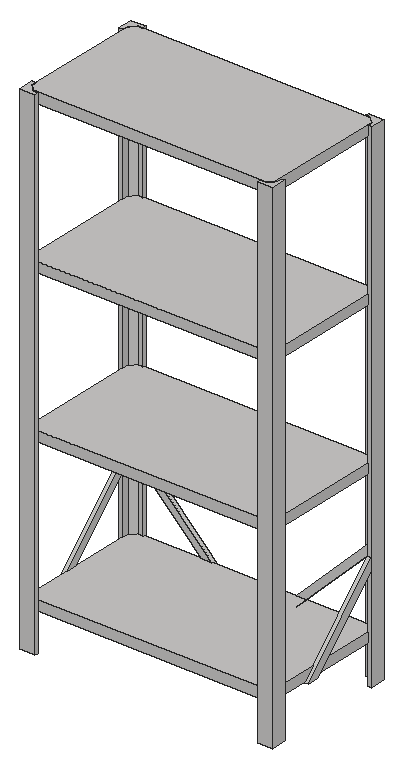
Revit family "QF_ELECTROLUXPROFESSIONAL_132945_NSC970", category Attrezzature speciali, Revit 2020
Family settings
  Quota connettore circolare = Usa diametro
  Tipo di parte = Normale
  Basato su piano di lavoro = No
  Sempre verticale = Sì
  Taglio con vuoti quando caricato = No
  Condiviso = No
  Punto di calcolo locali = No
Parameters (values of type "Standard")
  Weight = 33.00 kg
  Watts = 0 W
  Volts = 0 V
  URL Manufacturer = "https://www.electroluxprofessional.com/"
  URL = "https://www.electroluxprofessional.com/"
  Steam Supply Size = 0 mm
  Steam Supply Minimum Pressure = 0.0 Pa
  Steam Supply Maximum Pressure = 0.0 Pa
  Steam Consumption per Hour = 0
  Refrigeration Suction Line Size = 0.0 mm
  Refrigeration Liquid Line Size = 0.0 mm
  Refrigerant Compressor Remote = yes
  Prospetto di default = 0.0 mm
  Phase = 0
  Modello = "NSC970"
  Produttore = "Electrolux Professional"
  Length Actual = 1000.0 mm  # constant formula
  Item Number = "132945"
  Hot Water Size = 0 mm
  Height Actual = 1990.0 mm  # constant formula
  HP = "0 HP"
  Gas Size = 0 mm
  Gas KW = 0
  Gas Input Pressure = 0 W
  Direct Waste Size = 0 mm
  Descrizione = "S/S SHELVING WITH 4 SOLID SHELVES, 970MM"
  Depth Actual = 550.0 mm  # constant formula
  Cycle = 0 Hz
  Condensate Return Size = 0 mm
  Compressed Air Volume = 0.0 L/s
  Compressed Air Size = 0 mm
  Compressed Air Pressure = 0.0 Pa
  Cold Water Size = 0 mm
  Accessory = yes
Reference planes
  plane 1 "Center (Front/Back)": y = 0
  plane 2: z = 0
  plane 3 "Center (Left/Right)": x = 0
  plane 4 "LEFT": x = -500
  plane 5 "RIGHT": x = 500
  plane 6 "BACK": y = 275
  plane 7 "FRONT": y = -275
  plane 8 "L1": z = 190
  plane 9 "TOP": z = 1990
  plane 10 "L2": z = 790
  plane 11 "L3": z = 1390
  plane 12: x = 440
  plane 13: y = -215
  plane 14: y = 215
  plane 15: x = -440
Forms (mm)
  Extrusion 1, solid, material "QF_Finishes_Stainless Steel"
    sketch origin (0, 0, 0) x (1, 0, 0) y (0, 1, 0)
      loop
        line (-500, 275) -> (-500, 215) -> (-485, 215) -> (-485, 237.5) -> (-462.5, 260) -> (-440, 260) -> (-440, 275) -> (-500, 275)
      loop
        line (-500, -275) -> (-440, -275) -> (-440, -260) -> (-462.5, -260) -> (-485, -237.5) -> (-485, -215) -> (-500, -215) -> (-500, -275)
    from 0 to 1990
  Extrusion 2, solid, material "QF_Finishes_Stainless Steel"
    sketch origin (0, 0, 1990) x (0, 1, 0) y (-1, 0, 0)
      loop
        line (-237.5, 485) -> (-260, 462.5) -> (-260, -462.5) -> (-237.5, -485) -> (237.5, -485) -> (260, -462.5) -> (260, 462.5) -> (237.5, 485) -> (-237.5, 485)
    from 0 to -40
  Extrusion 3, solid, material "QF_Finishes_Stainless Steel"
    sketch origin (0, 275, 0) x (1, 0, 0) y (0, 0, -1)
      loop
        line (170.026, -150) -> (127.6, -150) -> (457.678, -480.078) -> (478.891, -458.864) -> (170.026, -150)
    from 0 to -15
  Extrusion 4, solid, material "QF_Finishes_Stainless Steel"
    sketch origin (-500, 0, 0) x (0, 1, 0) y (0, 0, 1)
      loop
        line (-54.974, 150) -> (253.891, 458.864) -> (232.678, 480.078) -> (-97.4, 150) -> (-54.974, 150)
    from 0 to 15
  Extrusion 5, solid, material "QF_Finishes_Stainless Steel"
    sketch origin (500, 0, 0) x (0, 1, 0) y (0, 0, 1)
      loop
        line (-54.974, 150) -> (253.891, 458.864) -> (232.678, 480.078) -> (-97.4, 150) -> (-54.974, 150)
    from 0 to -15
  Extrusion 6, solid, material "QF_Finishes_Stainless Steel"
    sketch origin (0, 0, 0) x (-1, 0, 0) y (0, -1, 0)
      loop
        line (-500, -275) -> (-440, -275) -> (-440, -260) -> (-462.5, -260) -> (-485, -237.5) -> (-485, -215) -> (-500, -215) -> (-500, -275)
      loop
        line (-500, 275) -> (-500, 215) -> (-485, 215) -> (-485, 237.5) -> (-462.5, 260) -> (-440, 260) -> (-440, 275) -> (-500, 275)
    from 0 to 1990
  Extrusion 7, solid, material "QF_Finishes_Stainless Steel"
    sketch origin (0, 0, 190) x (0, 1, 0) y (-1, 0, 0)
      loop
        line (-237.5, 485) -> (-260, 462.5) -> (-260, -462.5) -> (-237.5, -485) -> (237.5, -485) -> (260, -462.5) -> (260, 462.5) -> (237.5, 485) -> (-237.5, 485)
    from 0 to -40
  Extrusion 8, solid, material "QF_Finishes_Stainless Steel"
    sketch origin (0, 0, 790) x (0, 1, 0) y (-1, 0, 0)
      loop
        line (-237.5, 485) -> (-260, 462.5) -> (-260, -462.5) -> (-237.5, -485) -> (237.5, -485) -> (260, -462.5) -> (260, 462.5) -> (237.5, 485) -> (-237.5, 485)
    from 0 to -40
  Extrusion 9, solid, material "QF_Finishes_Stainless Steel"
    sketch origin (0, 0, 1390) x (0, 1, 0) y (-1, 0, 0)
      loop
        line (-237.5, 485) -> (-260, 462.5) -> (-260, -462.5) -> (-237.5, -485) -> (237.5, -485) -> (260, -462.5) -> (260, 462.5) -> (237.5, 485) -> (-237.5, 485)
    from 0 to -40
  Extrusion 10, solid, material "QF_Finishes_Stainless Steel"
    sketch origin (0, 275, 0) x (-1, 0, 0) y (0, 0, 1)
      loop
        line (170.026, 150) -> (478.891, 458.864) -> (457.678, 480.078) -> (127.6, 150) -> (170.026, 150)
    from 0 to -15
Cuts and joins
  joined: Extrusion 1, Extrusion 3, Extrusion 4, Extrusion 5
Lines and regions (mm)
  symbolic lines
    curve 1: line (-500, 215, 190) -> (-500, 275, 190)
    curve 2: line (-500, 275, 190) -> (-440, 275, 190)
    curve 3: line (-440, 275, 190) -> (-440, 260, 190)
    curve 4: line (-440, 260, 190) -> (-462.5, 260, 190)
    curve 5: line (-462.5, 260, 190) -> (-485, 237.5, 190)
    curve 6: line (-485, 237.5, 190) -> (-485, 215, 190)
    curve 7: line (-485, 215, 190) -> (-500, 215, 190)
    curve 8: line (-500, -215, 190) -> (-485, -215, 190)
    curve 9: line (-485, -215, 190) -> (-485, -237.5, 190)
    curve 10: line (-485, -237.5, 190) -> (-462.5, -260, 190)
    curve 11: line (-462.5, -260, 190) -> (-440, -260, 190)
    curve 12: line (-440, -260, 190) -> (-440, -275, 190)
    curve 13: line (-440, -275, 190) -> (-500, -275, 190)
    curve 14: line (-500, -275, 190) -> (-500, -215, 190)
    curve 15: line (440, -275, 190) -> (500, -275, 190)
    curve 16: line (500, -275, 190) -> (500, -215, 190)
    curve 17: line (500, -215, 190) -> (485, -215, 190)
    curve 18: line (485, -215, 190) -> (485, -237.5, 190)
    curve 19: line (485, -237.5, 190) -> (462.5, -260, 190)
    curve 20: line (462.5, -260, 190) -> (440, -260, 190)
    curve 21: line (440, -260, 190) -> (440, -275, 190)
    curve 22: line (440, 275, 190) -> (440, 260, 190)
    curve 23: line (440, 260, 190) -> (462.5, 260, 190)
    curve 24: line (462.5, 260, 190) -> (485, 237.5, 190)
    curve 25: line (485, 237.5, 190) -> (485, 215, 190)
    curve 26: line (485, 215, 190) -> (500, 215, 190)
    curve 27: line (500, 215, 190) -> (500, 275, 190)
    curve 28: line (500, 275, 190) -> (440, 275, 190)
    curve 29: line (-440, 260, 190) -> (440, 260, 190)
    curve 30: line (485, 215, 190) -> (485, -215, 190)
    curve 31: line (440, -260, 190) -> (-440, -260, 190)
    curve 32: line (-485, -215, 190) -> (-485, 215, 190)
    curve 33: line (-500, -275, 190) -> (500, 275, 190)
Dimensions and locks
  plane 4 "LEFT" to plane 5 "RIGHT" = 1000.0 mm
  equal spacing: plane 4 "LEFT", plane 3 "Center (Left/Right)", plane 5 "RIGHT"
  equal spacing: plane 6 "BACK", plane 1 "Center (Front/Back)", plane 7 "FRONT"
  plane 6 "BACK" to plane 7 "FRONT" = 550.0 mm
  locked: plane 8 "L1" to level at 190
  locked: plane 9 "TOP" to level at 1990
  plane 9 "TOP" to plane 11 "L3" to plane 10 "L2" to plane 8 "L1" = 600.0 mm, 600.0 mm, 600.0 mm
  locked: cut or joined group of Extrusion 1, Extrusion 3, Extrusion 4, Extrusion 5 to cut or joined group of Extrusion 1, Extrusion 3, Extrusion 4, Extrusion 5 at 30
  locked: plane 5 "RIGHT" to Extrusion 3 sketch curve at 329.974
  locked: plane 6 "BACK" to plane 14 at 60
  locked: plane 13 to plane 7 "FRONT" at 60
  locked: plane 15 to plane 4 "LEFT" at 60
  locked: plane 5 "RIGHT" to plane 12 at 60
  locked: plane 8 "L1" to cut or joined group of Extrusion 1, Extrusion 3, Extrusion 4, Extrusion 5 (angle 45.00°)
  aligned and locked: level to plane 2
  aligned and locked: plane 4 "LEFT" to cut or joined group of Extrusion 1, Extrusion 3, Extrusion 4, Extrusion 5
  aligned and locked: cut or joined group of Extrusion 1, Extrusion 3, Extrusion 4, Extrusion 5 to plane 15
Automatic sketch dimensions
  Extrusion 1 sketch curve to plane 4 "LEFT" = 0.0 mm  (x2)
  Extrusion 1 sketch curve to plane 13 = 0.0 mm
  Extrusion 1 sketch curve to plane 14 = 0.0 mm
  Extrusion 1 sketch curve to plane 15 = 0.0 mm  (x2)
  Extrusion 1 sketch curve to plane 6 "BACK" = 0.0 mm
  Extrusion 1 sketch curve to plane 7 "FRONT" = 0.0 mm
  plane 4 "LEFT" to Extrusion 1 sketch curve = 15.0 mm  (x2)
  plane 15 to Extrusion 1 sketch curve = 22.5 mm  (x2)
  plane 7 "FRONT" to Extrusion 1 sketch curve = 15.0 mm
  Extrusion 1 sketch curve to Extrusion 1 sketch curve = 22.5 mm
  plane 14 to Extrusion 1 sketch curve = 22.5 mm
  Extrusion 1 sketch curve to Extrusion 1 sketch curve = 15.0 mm
  plane 7 "FRONT" to Extrusion 2 sketch curve = 15.0 mm
  Extrusion 2 sketch curve to plane 13 = 22.5 mm  (x2)
  plane 14 to Extrusion 2 sketch curve = 22.5 mm  (x2)
  Extrusion 2 sketch curve to plane 6 "BACK" = 15.0 mm
  Extrusion 2 sketch curve to plane 5 "RIGHT" = 15.0 mm
  Extrusion 2 sketch curve to plane 12 = 22.5 mm  (x2)
  plane 15 to Extrusion 2 sketch curve = 22.5 mm  (x2)
  plane 4 "LEFT" to Extrusion 2 sketch curve = 15.0 mm
  plane 8 "L1" to Extrusion 3 sketch curve = 40.0 mm
  Extrusion 3 sketch curve to Extrusion 3 sketch curve = 42.426 mm
  plane 12 to Extrusion 3 sketch curve = 17.678 mm
  plane 5 "RIGHT" to Extrusion 3 sketch curve = 21.109 mm
  Extrusion 4 sketch curve to plane 8 "L1" = 40.0 mm
  plane 1 "Center (Front/Back)" to Extrusion 4 sketch curve = 97.4 mm
  Extrusion 4 sketch curve to Extrusion 4 sketch curve = 42.426 mm
  plane 14 to Extrusion 4 sketch curve = 17.678 mm
  Extrusion 4 sketch curve to plane 6 "BACK" = 21.109 mm
  Extrusion 5 sketch curve to plane 8 "L1" = 40.0 mm
  plane 1 "Center (Front/Back)" to Extrusion 5 sketch curve = 97.4 mm
  Extrusion 5 sketch curve to Extrusion 5 sketch curve = 42.426 mm
  plane 14 to Extrusion 5 sketch curve = 17.678 mm
  Extrusion 5 sketch curve to plane 6 "BACK" = 21.109 mm
  Extrusion 6 sketch curve to plane 5 "RIGHT" = 0.0 mm  (x2)
  plane 13 to Extrusion 6 sketch curve = 0.0 mm
  plane 14 to Extrusion 6 sketch curve = 0.0 mm
  Extrusion 6 sketch curve to plane 12 = 0.0 mm  (x2)
  Extrusion 6 sketch curve to plane 6 "BACK" = 0.0 mm
  plane 7 "FRONT" to Extrusion 6 sketch curve = 0.0 mm
  plane 5 "RIGHT" to Extrusion 6 sketch curve = 15.0 mm  (x2)
  plane 12 to Extrusion 6 sketch curve = 22.5 mm  (x2)
  Extrusion 6 sketch curve to plane 7 "FRONT" = 15.0 mm
  plane 13 to Extrusion 6 sketch curve = 22.5 mm
  Extrusion 6 sketch curve to Extrusion 6 sketch curve = 22.5 mm
  plane 6 "BACK" to Extrusion 6 sketch curve = 15.0 mm
  plane 7 "FRONT" to Extrusion 7 sketch curve = 15.0 mm
  Extrusion 7 sketch curve to plane 13 = 22.5 mm  (x2)
  plane 14 to Extrusion 7 sketch curve = 22.5 mm  (x2)
  Extrusion 7 sketch curve to plane 6 "BACK" = 15.0 mm
  Extrusion 7 sketch curve to plane 5 "RIGHT" = 15.0 mm
  Extrusion 7 sketch curve to plane 12 = 22.5 mm  (x2)
  plane 15 to Extrusion 7 sketch curve = 22.5 mm  (x2)
  plane 4 "LEFT" to Extrusion 7 sketch curve = 15.0 mm
  plane 7 "FRONT" to Extrusion 8 sketch curve = 15.0 mm
  Extrusion 8 sketch curve to plane 13 = 22.5 mm  (x2)
  plane 14 to Extrusion 8 sketch curve = 22.5 mm  (x2)
  Extrusion 8 sketch curve to plane 6 "BACK" = 15.0 mm
  Extrusion 8 sketch curve to plane 5 "RIGHT" = 15.0 mm
  Extrusion 8 sketch curve to plane 12 = 22.5 mm  (x2)
  plane 15 to Extrusion 8 sketch curve = 22.5 mm  (x2)
  plane 4 "LEFT" to Extrusion 8 sketch curve = 15.0 mm
  plane 7 "FRONT" to Extrusion 9 sketch curve = 15.0 mm
  Extrusion 9 sketch curve to plane 13 = 22.5 mm  (x2)
  plane 14 to Extrusion 9 sketch curve = 22.5 mm  (x2)
  Extrusion 9 sketch curve to plane 6 "BACK" = 15.0 mm
  Extrusion 9 sketch curve to plane 5 "RIGHT" = 15.0 mm
  Extrusion 9 sketch curve to plane 12 = 22.5 mm  (x2)
  plane 15 to Extrusion 9 sketch curve = 22.5 mm  (x2)
  plane 4 "LEFT" to Extrusion 9 sketch curve = 15.0 mm
  curve 21 to plane 7 "FRONT" = 0.0 mm
  curve 33 to plane 4 "LEFT" = 0.0 mm
  curve 33 to plane 7 "FRONT" = 0.0 mm
  curve 31 to plane 12 = 0.0 mm
  curve 31 to plane 15 = 0.0 mm
  curve 8 to plane 13 = 0.0 mm
  plane 13 to curve 30 = 0.0 mm
  curve 1 to plane 4 "LEFT" = 0.0 mm
  curve 1 to plane 14 = 0.0 mm
  curve 26 to plane 5 "RIGHT" = 0.0 mm
  plane 14 to curve 26 = 0.0 mm
  curve 4 to plane 15 = 0.0 mm
  curve 23 to plane 12 = 0.0 mm
  plane 6 "BACK" to curve 27 = 0.0 mm
  curve 3 to plane 6 "BACK" = 0.0 mm
  curve 16 to plane 5 "RIGHT" = 0.0 mm
  curve 15 to curve 31 = 15.0 mm
  curve 10 to plane 13 = 22.5 mm
  curve 19 to plane 13 = 22.5 mm
  curve 25 to curve 24 = 22.5 mm
  curve 6 to curve 6 = 22.5 mm
  curve 23 to plane 6 "BACK" = 15.0 mm
  curve 26 to curve 25 = 15.0 mm
  curve 24 to curve 22 = 22.5 mm
  curve 20 to curve 20 = 22.5 mm
  plane 15 to curve 4 = 22.5 mm
  plane 15 to curve 11 = 22.5 mm
  plane 4 "LEFT" to curve 6 = 15.0 mm
  Extrusion 10 sketch curve to plane 8 "L1" = 40.0 mm
  Extrusion 10 sketch curve to plane 15 = 312.4 mm
  Extrusion 10 sketch curve to Extrusion 10 sketch curve = 42.426 mm
  plane 15 to Extrusion 10 sketch curve = 17.678 mm
  plane 4 "LEFT" to Extrusion 10 sketch curve = 21.109 mm
